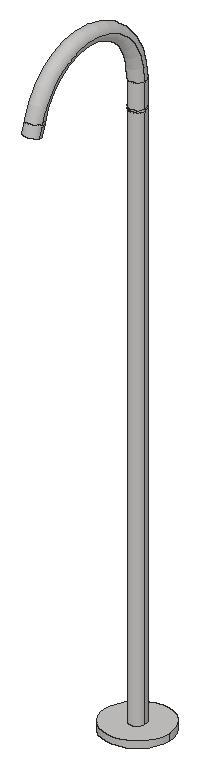
Revit family "090FM", category Generic Models, Revit 2021
Family settings
  Can host rebar = No
  Round Connector Dimension = Use Diameter
  Part Type = Normal
  Work Plane-Based = No
  Always vertical = Yes
  Cut with Voids When Loaded = No
  Shared = No
  Room Calculation Point = No
Parameters (values of type "Standard")
  e-mail = "info@vola.com"
  URL = "http://vola.com"
  Telephone = "+45 7023 5500"
  Quality management standard = "ISO 9001"
  Organisation no. / DUNS no. = "17531328"
  Occupational health and safety management standard = "ISO 18001"
  Mounting Instructions = "http://vola.com/service/producturl.ashx?name=090FM"
  Model = "090FM"
  Materials and components information = "http://vola.com/service/producturl.ashx?name=090FM"
  Manufacturer = "VOLA A/S"
  Maintenance Instructions = "http://vola.com/service/producturl.ashx?name=090FM"
  Guarantee = "2 years"
  Flow = "30,00 l/min"
  Environmental management standard = "ISO 14000"
  Default Elevation = 0.0000 mm
  Connection - All relevant connections = ""
  Approvals = "http://vola.com/service/producturl.ashx?name=090FM"
Reference planes
  plane 1 "Center (Front/Back)": y = 0
  plane 2: z = 0
  plane 3 "Center (Left/Right)": x = 0
Forms (mm)
  Extrusion 1, solid, material "Stainless Steel"
    sketch origin (0, 0, 0) x (1, 0, 0) y (0, 1, 0)
      loop
        circle (0, 0) r 49
    from 0 to 10
  Extrusion 2, solid, material "Stainless Steel"
    sketch origin (0, 0, 10) x (1, 0, 0) y (0, 1, 0)
      loop
        circle (0, 0) r 12
    from 0 to 840
  Sweep 3, solid, material "Stainless Steel"
    path origin (0, 0, 843.5) x (0, 1, 0) y (0, 0, 1)
      loop
        arc (-196.593, 73.382) -> (-86.947, 146.644) -> (0, 47.5) r 100
        line (0, 47.5) -> (0, 9.5)
    profile origin (0, 0, 872) x (1, 0, 0) y (0, 1, 0)
      loop
        circle (0, 0) r 12
  Extrusion 4, solid, material "Stainless Steel"
    sketch origin (0, 0, 850) x (1, 0, 0) y (0, 1, 0)
      loop
        circle (0, 0) r 12
    from 0 to 3
  Extrusion 5, solid, material "Stainless Steel"
    sketch origin (0, -196.593, 916.882) x (0, 0.965926, -0.258819) y (1, 0, 0)
      loop
        circle (0, 0) r 12
    from 0 to 17
Dimensions and locks
  aligned and locked: plane 2 to level
